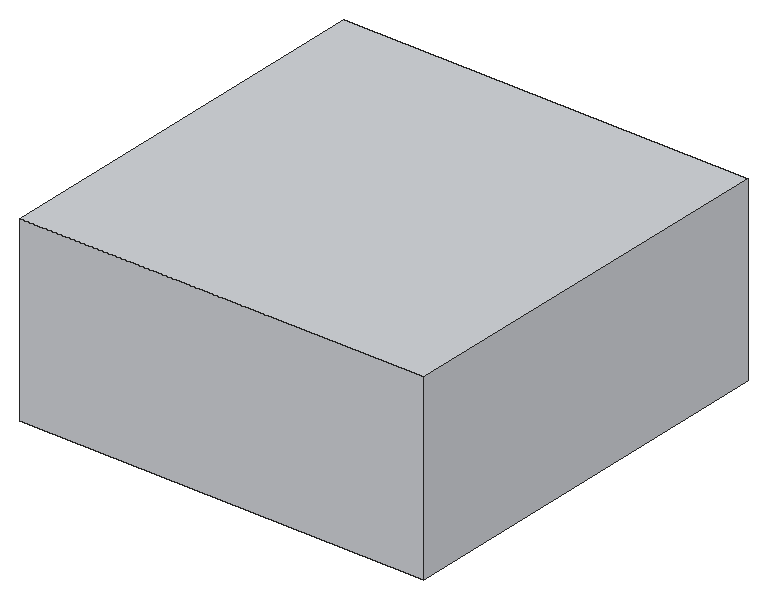
Revit family "M_電線管端子箱 - 置換 - アルミニウム", category Electrical Equipment, Revit 2020
Family settings
  Panel Configuration = Two Columns, Circuits Across
  Round Connector Dimension = Use Radius
  Part Type = Panelboard
  OmniClass Number = 23.80.30.17.11
  OmniClass Title = Conduits
  Work Plane-Based = No
  Always vertical = Yes
  Cut with Voids When Loaded = No
  Shared = No
  Room Calculation Point = No
Parameters (values of type "標準 2")
  Default Elevation = 0 mm
  幅オフセット [instance] = 5000 mm
  幅 [instance] = 長さ  # 116 mm
  呼び半径 2 [instance] = 8 mm
  呼び半径 1 [instance] = 10.5 mm
  呼び径 2 [instance] = 呼び半径 2 * 2  # 16 mm
  呼び径 1 [instance] = 呼び半径 1 * 2  # 21 mm
  最大呼び径 12 [instance] = if(呼び径 1 > 呼び径 2, 呼び径 1, 呼び径 2)  # 21 mm
  長さ 1 [instance] = 5000 mm  # constant formula
  高さオフセット [instance] = 5000 mm
  高さ [instance] = if(not(最大呼び径 12 > 27 mm), 52 mm, if(最大呼び径 12 < 155 mm, 152 mm, 最大呼び径 12 * 1.2))  # 52 mm
  長さ [instance] = if(not(最大呼び径 12 > 27 mm), 116 mm, 6 * 最大呼び径 12)  # 116 mm
  幅／2 ラベル [instance] = if(abs(長さ 1 - 幅オフセット) + 呼び半径 2 > 幅 / 2, abs(長さ 1 - 幅オフセット) + 呼び半径 2 + 25.4 mm, 幅 / 2)  # 58 mm
  高さ／2 ラベル [instance] = if(abs(長さ 1 - 高さオフセット) + 呼び半径 2 > 高さ / 2, abs(長さ 1 - 高さオフセット) + 呼び半径 2 + 25.4 mm, 高さ / 2)  # 26 mm
Reference planes
  plane 1 "中心(正面/背面)": y = 0
  plane 2: z = 0
  plane 3 "中心(左/右)": x = 0
  plane 4: y = -5000
  plane 5: z = -5000
  plane 6: y = 0
  plane 7: z = 0
  plane 8: x = 116
  plane 9: y = 58
  plane 10: y = -381
  plane 11: y = -58
  plane 12: z = 26
  plane 13: z = -26
Forms (mm)
  Blend 1, solid, not visible
    base sketch origin (0, 0, 0) x (0, 1, 0) y (0, 0, 1)
      loop
        circle (0, 0) r 10.5
    top sketch origin (0, 0, 0) x (0, 1, 0) y (0, 0, 1)
      loop
        circle (0, 0) r 8
    from 0 to 116
  Extrusion 2, solid
    sketch origin (0, 0, 0) x (1, 0, 0) y (0, 1, 0)
      loop
        line (0, 58) -> (0, -58) -> (116, -58) -> (116, 58) -> (0, 58)
    from -26 to 26
Dimensions and locks
  "長さ 1": plane 1 "中心(正面/背面)" to plane 4
  "長さ 1": plane 2 to plane 5
  "幅オフセット": plane 6 to plane 4
  "高さオフセット": plane 7 to plane 5
  "長さ": plane 3 "中心(左/右)" to plane 8
  "幅／2 ラベル": plane 1 "中心(正面/背面)" to plane 9
  "幅／2 ラベル": plane 11 to plane 1 "中心(正面/背面)"
  "高さ／2 ラベル": plane 12 to plane 2
  "高さ／2 ラベル": plane 2 to plane 13
  "呼び半径 1": radius of Blend 1 sketch curve
  "呼び半径 2": radius of Blend 1 sketch curve
  aligned and locked: plane 2 to Blend 1 sketch curve
  aligned and locked: plane 1 "中心(正面/背面)" to Blend 1 sketch curve
  aligned and locked: plane 7 to Blend 1 sketch curve
  aligned and locked: plane 6 to Blend 1 sketch curve
  aligned and locked: Blend 1 to plane 3 "中心(左/右)"
  aligned and locked: plane 8 to Blend 1
  aligned and locked: Extrusion 2 sketch curve to plane 9
  aligned and locked: plane 3 "中心(左/右)" to Extrusion 2 sketch curve
  aligned and locked: Extrusion 2 sketch curve to plane 11
  aligned and locked: Extrusion 2 sketch curve to plane 8
  aligned and locked: plane 12 to Extrusion 2
  aligned and locked: plane 13 to Extrusion 2
Connectors
  cabletrayconduit at (0, 0, 0), diameter 21, driven by "呼び半径 1"
    settings: on Blend 1, index 1, connector width 304.8 mm, connector height 304.8 mm, connector angle 0.00°, system type 32, placement type 0, profile type 0, connector reference index 2, is primary connector yes, connector utility param no, connector description ""
  cabletrayconduit at (116, 0, 0), diameter 16, driven by "呼び半径 2"
    settings: on Blend 1, index 2, connector width 304.8 mm, connector height 304.8 mm, connector angle 0.00°, system type 32, placement type 0, profile type 0, connector reference index 1, is primary connector no, connector utility param no, connector description ""
